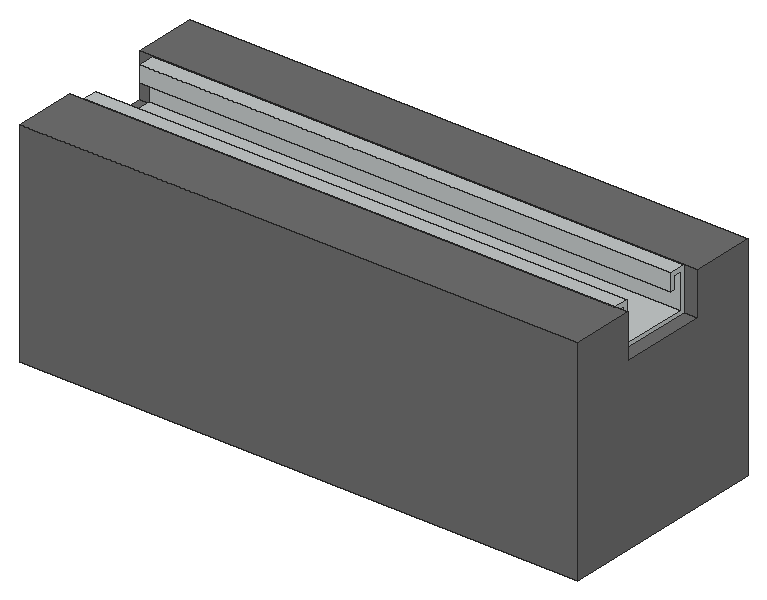
Revit family "pipe-support-7701", category Generic Models, Revit 2018
Family settings
  Can host rebar = No
  Round Connector Dimension = Use Diameter
  Part Type = Normal
  Work Plane-Based = No
  Always vertical = Yes
  Cut with Voids When Loaded = No
  Shared = No
  Room Calculation Point = No
Parameters (values of type "FNW7701PP Pipe Support")
  Weight [instance] = ""
  URL = "http://www.fnw.com"
  URL = ""
  TH1 = 0.078"  # constant formula
  Product ID [instance] = ""
  Part Number [instance] = "FNW7701PP"
  L6 = 0.250"  # constant formula
  L5 = 0.317"  # constant formula
  L4 = 0.813"  # constant formula
  L3 = 4.000"
  L2 = 4.000"  # constant formula
  L1 = 10.500"  # constant formula
  Description BOM [instance] = ""
Types (3): name | URL | Part Number | L3
  (no name) | "http://www.fnw.com" | "FNW7701PP" | 4.000"
  FNW7701PP Pipe Support | "http://www.fnw.com" | "FNW7701PP" | 4.000"
  FNW7701UP Pipe Support | 0.000" | "FNW7701UP" | 6.000"
Reference planes (in)
  plane 1 "Center (Front/Back)": y = 0
  plane 2: z = 0
  plane 3 "Center (Left/Right)": x = 0
  plane 4: x = -5.25
  plane 5: x = 5.25
  plane 6: y = 2
  plane 7: y = -2
  plane 8: z = 4
  plane 9: z = 3.187
  plane 10: y = 0.8125
  plane 11: y = -0.8125
Forms (in)
  Extrusion 1, solid, material "Black Foam"
    sketch origin (0, 0, 0) x (1, 0, 0) y (0, 1, 0)
      loop
        line (-5.25, 2) -> (-5.25, -2) -> (5.25, -2) -> (5.25, 2) -> (-5.25, 2)
    from 0 to 4
  Extrusion 2, void
    sketch origin (0, 0, 0) x (0, 1, 0) y (0, 0, 1)
      loop
        line (0.8125, 4.5) -> (-0.8125, 4.5) -> (-0.8125, 3.187) -> (0.8125, 3.187) -> (0.8125, 4.5)
    from -6.48708 to 6.20201
  Extrusion 3, solid, material "Steel, Galvanized"
    sketch origin (0, 0, 0) x (0, 1, 0) y (0, 0, 1)
      loop
        line (0.8125, 4) -> (0.50218, 4) -> (0.50218, 3.683) -> (0.58018, 3.683) -> (0.58018, 3.922) -> (0.7345, 3.922) -> (0.7345, 3.265) -> (-0.7345, 3.265) -> (-0.7345, 3.922) -> (-0.6119, 3.922) -> (-0.6119, 3.683) -> (-0.5339, 3.683) -> (-0.5339, 4) -> (-0.8125, 4) -> (-0.8125, 3.187) -> (0.8125, 3.187) -> (0.8125, 4)
    from -5 to 5
Cuts and joins
  Extrusion 2 cuts Extrusion 1
Dimensions and locks (in)
  equal spacing: plane 4, plane 3 "Center (Left/Right)", plane 5
  "L1": plane 4 to plane 5
  equal spacing: plane 6, plane 1 "Center (Front/Back)", plane 7
  "L2": plane 6 to plane 7
  "L3": plane 8 to plane 2
  "L4": plane 8 to plane 9
  plane 11 to plane 7 = 1.1875"
  plane 6 to plane 10 = 1.1875"
  plane 10 to plane 11 = 1.625"
  "TH1": Extrusion 3 sketch curve to plane 9
  "TH1": Extrusion 3 sketch curve to plane 11
  "TH1": plane 10 to Extrusion 3 sketch curve
  "TH1": plane 8 to Extrusion 3 sketch curve  (x2)
  "L5": plane 8 to Extrusion 3 sketch curve
  "L5": Extrusion 3 sketch curve to plane 8
  "TH1": Extrusion 3 sketch curve to Extrusion 3 sketch curve  (x2)
  "L6": plane 4 to Extrusion 3
  "L6": Extrusion 3 to plane 5
  aligned and locked: plane 2 to level
  aligned and locked: plane 7 to Extrusion 1 sketch curve
  aligned and locked: plane 5 to Extrusion 1 sketch curve
  aligned and locked: Extrusion 1 sketch curve to plane 6
  aligned and locked: Extrusion 1 sketch curve to plane 4
  aligned and locked: plane 8 to Extrusion 1
  aligned and locked: plane 9 to Extrusion 2 sketch curve
  aligned and locked: plane 11 to Extrusion 3 sketch curve
  aligned and locked: Extrusion 3 sketch curve to plane 9
  aligned and locked: plane 10 to Extrusion 3 sketch curve
  aligned and locked: plane 8 to Extrusion 3 sketch curve  (x2)
Automatic sketch dimensions
  Extrusion 2 sketch curve to plane 11 = 0.000"
  Extrusion 2 sketch curve to plane 10 = 0.000"
  plane 8 to Extrusion 2 sketch curve = 0.500"
  Extrusion 3 sketch curve to Extrusion 3 sketch curve = 0.1226"
  Extrusion 3 sketch curve to plane 10 = 0.31032"
